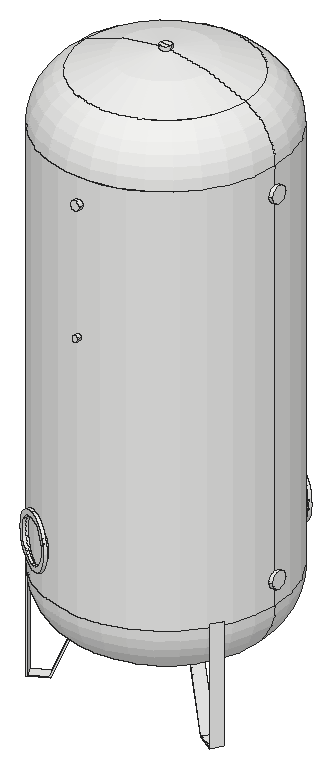
Revit family "Mélange Gaz 1000L VERTICAL", category Modèles génériques, Revit 2021
Family settings
  Peut héberger une armature = Non
  Cote de connecteur circulaire = Utiliser le diamètre
  Type d'élément = Normal
  Basée sur le plan de construction = Non
  Toujours verticalement = Oui
  Couper avec des vides une fois chargée = Non
  Partagée = Non
  Repere pour localisation dans la piece = Non
Parameters (values of type "500L")
  Ø Diamètre Cuve = 850 mm  # constant formula
  Rayon Cuve = Ø Diamètre Cuve / 2  # 425 mm
  Ht ballon sans pied = 2054 mm
  Ht Fond bombé = 277 mm
  Hauteur de pied = 129 mm + 15 mm + Ht Fond bombé  # 421 mm
  Elévation par défaut = 0 mm
Types (3, lengths in mm): name | Ht ballon sans pied | Ht Fond bombé | Hauteur de pied
  (no name) | 2054 | 277 | 421
  500L | 2054 | 277 | 421
  200L | 1310 | 173 | 317
Reference planes
  plane 1 "Centre (avant/arrière)": y = 0
  plane 2: z = 0
  plane 3 "Centre (gauche/droite)": x = 0
  plane 4: x = -425
  plane 5: x = 425
  plane 6: y = 425
  plane 7: y = -425
  plane 8: z = 143
  plane 9: z = 2221
  plane 10: z = 155
  plane 11: z = 2209
  plane 12: z = 1932
  plane 13: z = 432
  plane 14: z = 512
  plane 15: z = 1852
  plane 16: z = 1390
  plane 17: z = 582
Forms (mm)
  Revolve 1, solid, material "Métal blanc"
    sketch origin (0, 0, 0) x (1, 0, 0) y (0, 0, 1)
      loop
        line (0, 143) -> (20, 143) -> (20, 155)
        arc (20, 155) -> (168.622, 180.762) -> (309.814, 233.834) r 803.869
        arc (309.814, 233.834) -> (393.835, 309.454) -> (425, 418.112) r 205
        line (425, 418.112) -> (425, 1945.888)
        arc (425, 1945.888) -> (393.835, 2054.546) -> (309.814, 2130.166) r 205
        arc (309.814, 2130.166) -> (168.622, 2183.238) -> (20, 2209) r 803.869
        line (20, 2209) -> (20, 2221) -> (0, 2221) -> (0, 143)
      axis (0, 2221) -> (0, 143)
    angle from 0 to 360
  Extrusion 2, solid, material "Métal blanc"
    sketch origin (0, 0, 0) x (0, 1, 0) y (0, 0, 1)
      loop
        circle (0, 1852) r 30.15
      loop
        circle (0, 512) r 30.15
    from -440 to 440
  Extrusion 3, solid, material "Métal blanc"
    sketch origin (0, 0, 0) x (1, 0, 0) y (0, 0, 1)
      loop
        circle (0, 1852) r 16.85
      loop
        circle (0, 1390) r 10.65
    from 0 to 440
  Extrusion 4, solid, material "Métal blanc"
    sketch origin (-212.5, -368.061, -250) x (0, 0, 1) y (-0.866025, 0.5, 0)
      loop
        circle (833.766, 0) r 80
      loop
        circle (833.766, 0) r 100
    from 0 to 10
  Extrusion 5, solid, material "Métal blanc"
    sketch origin (-212.5, -368.061, -250) x (0, 0, 1) y (-0.866025, 0.5, 0)
      loop
        circle (833.766, 0) r 80
      loop
        circle (833.766, 0) r 85
    from 0 to -44.3
  Extrusion 6, solid, material "Métal blanc"
    sketch origin (212.5, 368.061, -250) x (0, 0, 1) y (0.866025, -0.5, 0)
      loop
        circle (833.766, 0) r 80
      loop
        circle (833.766, 0) r 100
    from 0 to 10
  Extrusion 7, solid, material "Métal blanc"
    sketch origin (212.5, 368.061, -250) x (0, 0, 1) y (0.866025, -0.5, 0)
      loop
        circle (833.766, 0) r 80
      loop
        circle (833.766, 0) r 85
    from 0 to -44.3
Cuts and joins
  joined: Revolve 1, Extrusion 2, Extrusion 3, Extrusion 5, Extrusion 7
Lines and regions (mm)
  reference lines
    curve 1: line (0, 0, 0) -> (-212.5, -368.061, 0)
    curve 2: line (0, 0, 0) -> (212.5, 368.061, 0)
Dimensions and locks
  equal spacing: plane 7, plane 1 "Centre (avant/arrière)", plane 6
  equal spacing: plane 4, plane 3 "Centre (gauche/droite)", plane 5
  "Ø Diamètre Cuve": plane 4 to plane 5
  "Ø Diamètre Cuve": plane 6 to plane 7
  locked: plane 8 to level at 143
  locked: plane 10 to plane 8 at 12
  "Ht Fond bombé": plane 13 to plane 10
  locked: plane 9 to plane 11 at 12
  "Ht ballon sans pied": plane 11 to plane 10
  "Ht Fond bombé": plane 11 to plane 12
  "Rayon Cuve": curve 1 to curve 1
  "Rayon Cuve": curve 2 to curve 2
  locked: plane 14 to level at 512
  locked: plane 15 to level at 1852
  locked: plane 16 to level at 1390
  locked: plane 1 "Centre (avant/arrière)" to curve 1 (angle 60.00°)
  angle curve 2 to plane 3 "Centre (gauche/droite)" = 30.00°
  aligned and locked: level to plane 2
  aligned and locked: plane 3 "Centre (gauche/droite)" to curve 1
  aligned and locked: plane 1 "Centre (avant/arrière)" to curve 1
  aligned and locked: Revolve 1 sketch curve to plane 3 "Centre (gauche/droite)"
  aligned and locked: plane 15 to Extrusion 2 sketch curve
  aligned and locked: plane 1 "Centre (avant/arrière)" to Extrusion 2 sketch curve  (x2)
  aligned and locked: plane 14 to Extrusion 2 sketch curve
  aligned and locked: plane 15 to Extrusion 3 sketch curve
  aligned and locked: plane 3 "Centre (gauche/droite)" to Extrusion 3 sketch curve
Automatic sketch dimensions
  Revolve 1 sketch curve to plane 3 "Centre (gauche/droite)" = 0 mm
  Revolve 1 sketch curve to plane 8 = 0 mm
  Revolve 1 sketch curve to plane 10 = 0 mm
  plane 5 to Revolve 1 sketch curve = 0 mm
  Revolve 1 sketch curve to plane 9 = 0 mm
  Revolve 1 sketch curve to plane 3 "Centre (gauche/droite)" = 42.376 mm  (x2)
  plane 3 "Centre (gauche/droite)" to Revolve 1 sketch curve = 20 mm
  Revolve 1 sketch curve to Revolve 1 sketch curve = 20 mm
  Revolve 1 sketch curve to plane 12 = 13.888 mm
  Revolve 1 sketch curve to Revolve 1 sketch curve = 205 mm  (x2)
  plane 13 to Revolve 1 sketch curve = 13.888 mm
  Revolve 1 sketch curve to plane 13 = 524.445 mm
  Revolve 1 sketch curve to Revolve 1 sketch curve = 451.109 mm
  plane 11 to Revolve 1 sketch curve = 0 mm
  Revolve 1 sketch curve to level = 366.045 mm
  Revolve 1 sketch curve to plane 11 = 5.315 mm
  Extrusion 3 sketch curve to plane 3 "Centre (gauche/droite)" = 0 mm
  Extrusion 3 sketch curve to plane 16 = 0 mm
  plane 14 to Extrusion 4 sketch curve = 71.766 mm
  Extrusion 4 sketch curve to Extrusion 4 sketch curve = 0 mm  (x2)
  Extrusion 5 sketch curve to Extrusion 5 sketch curve = 0 mm  (x2)
  plane 14 to Extrusion 5 sketch curve = 71.766 mm
  Extrusion 6 sketch curve to Extrusion 6 sketch curve = 0 mm  (x2)
  plane 14 to Extrusion 6 sketch curve = 71.766 mm
  Extrusion 7 sketch curve to Extrusion 7 sketch curve = 0 mm  (x2)
  plane 14 to Extrusion 7 sketch curve = 71.766 mm
  radius of Extrusion 2 sketch curve = 30.15 mm  (x2)
  radius of Extrusion 3 sketch curve = 16.85 mm
  radius of Extrusion 3 sketch curve = 10.65 mm
  radius of Extrusion 4 sketch curve = 80 mm
  radius of Extrusion 4 sketch curve = 100 mm
  radius of Extrusion 5 sketch curve = 80 mm
  radius of Extrusion 5 sketch curve = 85 mm
  radius of Extrusion 6 sketch curve = 80 mm
  radius of Extrusion 6 sketch curve = 100 mm
  radius of Extrusion 7 sketch curve = 80 mm
  radius of Extrusion 7 sketch curve = 85 mm
Nested families
  nested 1: "Pied" at (0, 425, 0) x (0, -1, 0) z (0, 0, 1), type "Pied"
    with Hauteur de pied 432 mm
  nested 2: "Pied" at (-368.061, -212.5, 0) x (0.866, 0.5, 0) z (0, 0, 1), type "Pied"
    with Hauteur de pied 432 mm
  nested 3: "Pied" at (368.061, -212.5, 0) x (-0.866, 0.5, 0) z (0, 0, 1), type "Pied"
    with Hauteur de pied 432 mm
Connectors
  piping at (0, 0, 2221), diameter 25
    settings: on cut or joined group of Revolve 1, Extrusion 2, Extrusion 3, Extrusion 5, Extrusion 7, index 1, connector inside diameter 609.6 mm, connector length 0 mm, flow factor 0, pipe flow 0.0 L/s, pressure drop 0.0 Pa, fitting loss kfactor 0, connector angle 0.00°, fixture units 0, engagement length 0 mm, angle of deflection 0.00°, flow configuration 0, flow direction 0, fitting loss method 0, system type 28, joint type 0, gender type 0, connector reference index -1, connector utility 0, adjustable connector no, is connector primary yes, connector description ""
  piping at (-440, 0, 1852), diameter 50
    settings: on cut or joined group of Revolve 1, Extrusion 2, Extrusion 3, Extrusion 5, Extrusion 7, index 2, connector inside diameter 609.6 mm, connector length 0 mm, flow factor 0, pipe flow 0.0 L/s, pressure drop 0.0 Pa, fitting loss kfactor 0, connector angle 0.00°, fixture units 0, engagement length 0 mm, angle of deflection 0.00°, flow configuration 0, flow direction 0, fitting loss method 0, system type 28, joint type 0, gender type 0, connector reference index -1, connector utility 0, adjustable connector no, is connector primary no, connector description ""
  piping at (-440, 0, 512), diameter 50
    settings: on cut or joined group of Revolve 1, Extrusion 2, Extrusion 3, Extrusion 5, Extrusion 7, index 3, connector inside diameter 609.6 mm, connector length 0 mm, flow factor 0, pipe flow 0.0 L/s, pressure drop 0.0 Pa, fitting loss kfactor 0, connector angle 0.00°, fixture units 0, engagement length 0 mm, angle of deflection 0.00°, flow configuration 0, flow direction 0, fitting loss method 0, system type 28, joint type 0, gender type 0, connector reference index -1, connector utility 0, adjustable connector no, is connector primary no, connector description ""
  piping at (440, 0, 512), diameter 50
    settings: on cut or joined group of Revolve 1, Extrusion 2, Extrusion 3, Extrusion 5, Extrusion 7, index 4, connector inside diameter 609.6 mm, connector length 0 mm, flow factor 0, pipe flow 0.0 L/s, pressure drop 0.0 Pa, fitting loss kfactor 0, connector angle 0.00°, fixture units 0, engagement length 0 mm, angle of deflection 0.00°, flow configuration 0, flow direction 0, fitting loss method 0, system type 28, joint type 0, gender type 0, connector reference index -1, connector utility 0, adjustable connector no, is connector primary no, connector description ""
  piping at (440, 0, 1852), diameter 50
    settings: on cut or joined group of Revolve 1, Extrusion 2, Extrusion 3, Extrusion 5, Extrusion 7, index 5, connector inside diameter 609.6 mm, connector length 0 mm, flow factor 0, pipe flow 0.0 L/s, pressure drop 0.0 Pa, fitting loss kfactor 0, connector angle 0.00°, fixture units 0, engagement length 0 mm, angle of deflection 0.00°, flow configuration 0, flow direction 0, fitting loss method 0, system type 28, joint type 0, gender type 0, connector reference index -1, connector utility 0, adjustable connector no, is connector primary no, connector description ""
  piping at (0, -440, 1390), diameter 15
    settings: on cut or joined group of Revolve 1, Extrusion 2, Extrusion 3, Extrusion 5, Extrusion 7, index 6, connector inside diameter 609.6 mm, connector length 0 mm, flow factor 0, pipe flow 0.0 L/s, pressure drop 0.0 Pa, fitting loss kfactor 0, connector angle 0.00°, fixture units 0, engagement length 0 mm, angle of deflection 0.00°, flow configuration 0, flow direction 0, fitting loss method 0, system type 28, joint type 0, gender type 0, connector reference index -1, connector utility 0, adjustable connector no, is connector primary no, connector description ""
  piping at (0, -440, 1852), diameter 25
    settings: on cut or joined group of Revolve 1, Extrusion 2, Extrusion 3, Extrusion 5, Extrusion 7, index 7, connector inside diameter 609.6 mm, connector length 0 mm, flow factor 0, pipe flow 0.0 L/s, pressure drop 0.0 Pa, fitting loss kfactor 0, connector angle 0.00°, fixture units 0, engagement length 0 mm, angle of deflection 0.00°, flow configuration 0, flow direction 0, fitting loss method 0, system type 28, joint type 0, gender type 0, connector reference index -1, connector utility 0, adjustable connector no, is connector primary no, connector description ""
  piping at (0, 0, 143), diameter 25
    settings: on cut or joined group of Revolve 1, Extrusion 2, Extrusion 3, Extrusion 5, Extrusion 7, index 8, connector inside diameter 609.6 mm, connector length 0 mm, flow factor 0, pipe flow 0.0 L/s, pressure drop 0.0 Pa, fitting loss kfactor 0, connector angle 0.00°, fixture units 0, engagement length 0 mm, angle of deflection 0.00°, flow configuration 0, flow direction 0, fitting loss method 0, system type 7, joint type 0, gender type 0, connector reference index -1, connector utility 0, adjustable connector no, is connector primary no, connector description ""
Definition of nested family "Pied"
  Parameters (values of type "Pied")
    Matériau = none
    Hauteur de pied [instance] = 317.492 mm
    Default Elevation = 0 mm
  Reference planes
    plane 1 "Centre (avant/arrière)": y = 0
    plane 2: z = 0
    plane 3 "Centre (gauche/droite)": x = 0
    plane 4: z = 317.492
  Forms (mm)
    Sweep 1, solid, material <- "Matériau"
      path origin (250, 0, 0) x (1, 0, 0) y (0, 0, 1)
        loop
          line (-250, 317.492) -> (-250, 0) -> (-175, 0) -> (8.304, 317.492)
      profile origin (0, 0, 158.746) x (0, -1, 0) y (1, 0, 0)
        loop
          line (-22.5, 0) -> (22.5, 0) -> (22.5, 4) -> (-22.5, 4) -> (-22.5, 0)
  Dimensions and locks
    "Hauteur de pied": plane 4 to level
    aligned and locked: level to plane 2
    aligned and locked: Sweep 1 sketch curve to plane 3 "Centre (gauche/droite)"
    aligned and locked: Sweep 1 sketch curve to plane 2
    aligned and locked: plane 4 to Sweep 1 sketch curve  (x2)
  Automatic sketch dimensions
    plane 3 "Centre (gauche/droite)" to Sweep 1 sketch curve = 75 mm
    plane 3 "Centre (gauche/droite)" to Sweep 1 sketch curve = 258.304 mm
    Sweep 1 sketch curve to profile plane = 0 mm
    Sweep 1 sketch curve to profile plane = 4 mm
    Sweep 1 sketch curve to profile plane = 22.5 mm
    profile plane to Sweep 1 sketch curve = 22.5 mm
